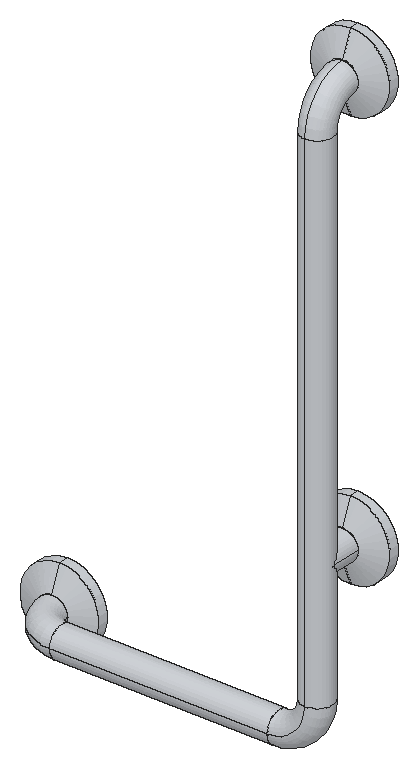
Revit family
Parameters
  Weight Limit = 330
  Warranty Duration (Years) = 0
  Unit Weight = 6.4
  Unit Length = 1' - 0"
  Unit Height = 2' - 0"
  URL = "http://www.pontegiulio.com"
  Trim Radius = 0' - 1 5/8"
  Specification = "http://www.arcat.com/sd/clients/pontegiu.html?coid=43483"
  Send Message = "http://www.arcat.com/users.pl?action=UserEmail&company=Ponte%20Giulio&coid=43483&rep=132&fax=877-766-8306&mf="
  Sales Information = "http://www.pontegiulio.it/us/info.php"
  Revision = "R1_01-2010"
  Return Radius = 0' - 1 9/16"
  Product Properties = "http://www.pgdb.it/schede/us/G02JBxxx19_us.pdf"
  Product Data = "http://www.arcat.com/arcatcos/cos43/arc43483.html"
  Model = "Grab Bar as Specified in 10 28 13"
  Manufacturer's Notes = ""
  Manufacturer Website = "http://www.pontegiulio.com"
  Manufacturer Phone - Toll Free = "877-766-8301 "
  Manufacturer Fax = "877-766-8306"
  Manufacturer Address = "W241 S4021 Rockwood Circle, Waukesha, WI 53189"
  Manufacturer = "Ponte Giulio"
  Maintenance Schedule (Months) = 0
  Keynote = "10 28 13"
  Installation-Fabrication = ""
  Installation Phase = ""
  Green Building-LEED = "http://www.arcat.com/green/clients/leed_data_43483.html"
  Expected Lifespan (Years) = 0
  Drawn By = "Robert S. Weygant, CSI, CDT, SCIP"
  Diameter = 0' - 1 1/4"
  Description = "Grab Bar as Specified in 10 28 13"
  Default Elevation = 4' - 0"
  Copyright = "2010 ARCAT, Inc"
  Construction Details = ""
  Clear Space From Wall = 0' - 1 1/2"
  Building Codes = ""
  Bath Fixture Material [instance] = none
  Assembly Code = "C1030200"
  AK_Code Compliance = "ADA"
Reference planes (in)
  plane 1 "Center (Front/Back)": y = 0
  plane 2: z = 0
  plane 3 "Center (Left/Right)": x = 0
  plane 4 "CL 2": z = 11.29418
  plane 5 "Vertical Spacing": z = 35.29418
  plane 6 "Horizontal Spacing": x = -12
  plane 7: z = 17.98168
  plane 8: y = -1.5
  plane 9: y = -2.125
Forms (in)
  Extrusion 1, solid, material <- "Bath Fixture Material"
    sketch origin (-24, -2.125, 11.29418) x (-1, 0, 0) y (0, 0, -1)
      loop
        circle (-24, -6.6875) r 0.625
    from -2.125 to 0
  Revolve 2, solid, material <- "Bath Fixture Material"
    sketch origin (-12, 0, 11.29418) x (0, 0, 1) y (0, 1, 0)
      loop
        line (0, 0) -> (0, -0.8125) -> (0.625, -0.8125) -> (1.625, -0.40625) -> (1.625, 0) -> (0, 0)
      axis (0, -0.8125) -> (0, 0)
    angle from 0 to 360
  Revolve 3, solid, material <- "Bath Fixture Material"
    sketch origin (0, 0, 35.29418) x (0, 0, 1) y (0, 1, 0)
      loop
        line (0, 0) -> (0, -0.8125) -> (0.625, -0.8125) -> (1.625, -0.40625) -> (1.625, 0) -> (0, 0)
      axis (0, -0.8125) -> (0, 0)
    angle from 0 to 360
  Revolve 4, solid, material <- "Bath Fixture Material"
    sketch origin (0, 0, 17.29418) x (0, 0, 1) y (0, 1, 0)
      loop
        line (0.6875, 0) -> (0.6875, -0.8125) -> (1.3125, -0.8125) -> (2.3125, -0.40625) -> (2.3125, 0) -> (0.6875, 0)
      axis (0.6875, -0.8125) -> (0.6875, 0)
    angle from 0 to 360
  Sweep 5, solid, material <- "Bath Fixture Material"
    path in 3D
      loop
        line (0, 0, 35.29418) -> (0, -0.65625, 35.29418)
        arc (0, -0.65625, 35.29418) -> (0, -1.69481, 34.864) -> (0, -2.125, 33.82543) r 1.46875
        line (0, -2.125, 33.82543) -> (0, -2.125, 12.85668)
        arc (0, -2.125, 12.85668) -> (-0.45765, -2.125, 11.75183) -> (-1.5625, -2.125, 11.29418) r 1.5625
        line (-1.5625, -2.125, 11.29418) -> (-10.53125, -2.125, 11.29418)
        arc (-10.53125, -2.125, 11.29418) -> (-11.56981, -1.69481, 11.29418) -> (-12, -0.65625, 11.29418) r 1.46875
        line (-12, -0.65625, 11.29418) -> (-12, 0, 11.29418)
    profile origin (-12, -0.32812, 11.29418) x (-1, 0, 0) y (0, 0, 1)
      loop
        circle (0, 0) r 0.625
Lines and regions (in)
  model lines
    curve 1: arc (0, -0.65625, 35.29418) -> (0, -1.69481, 34.864) -> (0, -2.125, 33.82543) r 1.46875
    curve 2: line (0, 0, 35.29418) -> (0, -0.65625, 35.29418)
    curve 3: line (0, -2.125, 33.82543) -> (0, -2.125, 12.85668)
    curve 4: line (-1.5625, -2.125, 11.29418) -> (-10.4375, -2.125, 11.29418)
    curve 5: arc (-1.5625, -2.125, 11.29418) -> (-0.45765, -2.125, 11.75183) -> (0, -2.125, 12.85668) r 1.5625
    curve 6: line (-12, -0.65625, 11.29418) -> (-12, 0, 11.29418)
    curve 7: arc (-12, -0.65625, 11.29418) -> (-11.56981, -1.69481, 11.29418) -> (-10.53125, -2.125, 11.29418) r 1.46875
  sketch lines
    curve 8: line (-12, -0.65625, 11.29418) -> (-12, 0, 11.29418)
    curve 9: arc (-12, -0.65625, 11.29418) -> (-11.56981, -1.69481, 11.29418) -> (-10.53125, -2.125, 11.29418) r 1.46875
    curve 10: line (-1.5625, -2.125, 11.29418) -> (-10.53125, -2.125, 11.29418)
    curve 11: arc (-1.5625, -2.125, 11.29418) -> (-0.45765, -2.125, 11.75183) -> (0, -2.125, 12.85668) r 1.5625
    curve 12: line (0, -2.125, 33.82543) -> (0, -2.125, 12.85668)
    curve 13: arc (0, -0.65625, 35.29418) -> (0, -1.69481, 34.864) -> (0, -2.125, 33.82543) r 1.46875
    curve 14: line (0, 0, 35.29418) -> (0, -0.65625, 35.29418)
Dimensions and locks (in)
  Extrusion 1 sketch curve to Extrusion 1 sketch curve = 0' - 1 1/4"
  Revolve 2 sketch curve to Revolve 2 sketch curve = 0' - 0 13/16"
  "Unit Length": plane 3 "Center (Left/Right)" to plane 6 "Horizontal Spacing"
  "Unit Height": plane 5 "Vertical Spacing" to plane 4 "CL 2"
  Revolve 3 sketch curve to Revolve 3 sketch curve = 0' - 0 13/16"
  Revolve 4 sketch curve to Revolve 4 sketch curve = 0' - 0 13/16"
  "Diameter": Sweep 5 sketch curve to Sweep 5 sketch curve
  "Clear Space From Wall": plane 8 to plane 1 "Center (Front/Back)"
  locked: plane 8 to plane 9 at 0.625
  locked: plane 7 to plane 4 "CL 2" at 6.6875
  aligned and locked: plane 1 "Center (Front/Back)" to Revolve 2 sketch curve
  aligned and locked: Revolve 2 sketch curve to Revolve 2 sketch curve
  aligned and locked: Revolve 2 sketch curve to plane 4 "CL 2"
  aligned and locked: plane 6 "Horizontal Spacing" to Revolve 2
  aligned and locked: Revolve 3 sketch curve to Revolve 3 sketch curve
  aligned and locked: plane 1 "Center (Front/Back)" to Revolve 3 sketch curve
  aligned and locked: plane 5 "Vertical Spacing" to Revolve 3 sketch curve
  aligned and locked: Revolve 4 sketch curve to Revolve 4 sketch curve
  aligned and locked: profile plane to Sweep 5 sketch curve
  aligned and locked: Extrusion 1 to plane 9
  aligned and locked: Extrusion 1 to plane 1 "Center (Front/Back)"
Automatic sketch dimensions
  Extrusion 1 sketch curve to plane 7 = 0' - 0"
  Extrusion 1 sketch curve to plane 3 "Center (Left/Right)" = 0' - 0"
  curve 3 to plane 9 = 0' - 0"
  curve 2 to plane 5 "Vertical Spacing" = 0' - 0"
  curve 2 to plane 1 "Center (Front/Back)" = 0' - 0"
  curve 2 to curve 2 = 0' - 0 21/32"
  plane 4 "CL 2" to curve 3 = 0' - 1 9/16"
  curve 4 to plane 4 "CL 2" = 0' - 0"
  curve 5 to plane 3 "Center (Left/Right)" = 0' - 0"
  plane 4 "CL 2" to curve 5 = 0' - 1 9/16"
  curve 4 to plane 6 "Horizontal Spacing" = 0' - 1 9/16"
  curve 6 to plane 1 "Center (Front/Back)" = 0' - 0"
  curve 6 to curve 6 = 0' - 0 21/32"
  curve 7 to plane 9 = 0' - 0"
  curve 7 to plane 6 "Horizontal Spacing" = 0' - 0"
  Sweep 5 sketch curve to profile plane = 0' - 0"
  Revolve 3 sketch curve to plane 5 "Vertical Spacing" = 0' - 0 5/8"
  plane 1 "Center (Front/Back)" to Revolve 3 sketch curve = 0' - 0 13/32"
  Revolve 3 sketch curve to Revolve 3 sketch curve = 0' - 1"
  Revolve 3 sketch curve to Revolve 3 sketch curve = 2' - 0"
  Revolve 4 sketch curve to plane 7 = 0' - 0"
  Revolve 4 sketch curve to plane 1 "Center (Front/Back)" = 0' - 0"
  Revolve 4 sketch curve to Revolve 4 sketch curve = 0' - 0 5/8"
  plane 1 "Center (Front/Back)" to Revolve 4 sketch curve = 0' - 0 13/32"
  Revolve 4 sketch curve to Revolve 4 sketch curve = 0' - 1"
  Revolve 4 sketch curve to Revolve 4 sketch curve = 2' - 0"
  Revolve 2 sketch curve to Revolve 2 sketch curve = 0' - 0 5/8"
  plane 1 "Center (Front/Back)" to Revolve 2 sketch curve = 0' - 0 13/32"
  Revolve 2 sketch curve to Revolve 2 sketch curve = 0' - 1"
  Revolve 2 sketch curve to plane 1 "Center (Front/Back)" = 2' - 0"
  Revolve 2 sketch curve to plane 9 = 8' - 4.50007"
  Revolve 3 sketch curve to plane 9 = 8' - 4.50007"
  Revolve 4 sketch curve to plane 9 = 8' - 4.50007"
